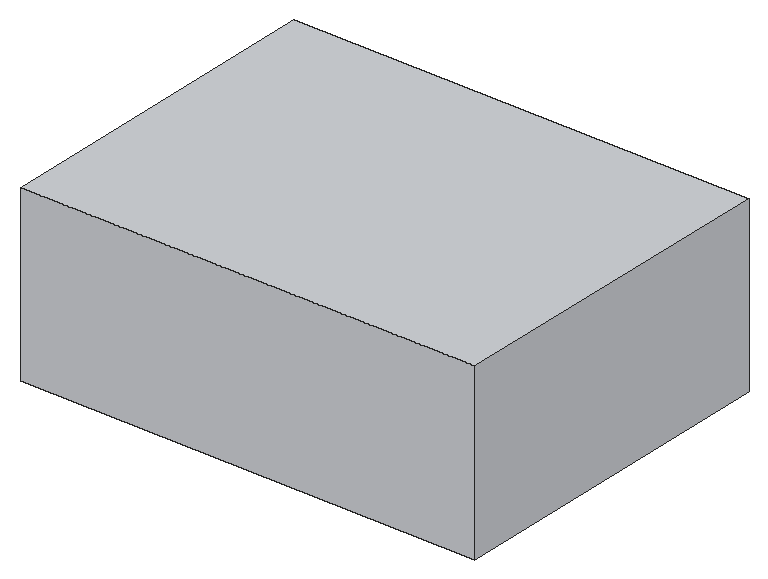
Revit family "Family1", category Generic Models, Revit 2019
Family settings
  Can host rebar = No
  Round Connector Dimension = Use Diameter
  Part Type = Normal
  Work Plane-Based = No
  Always vertical = Yes
  Cut with Voids When Loaded = No
  Shared = No
  Room Calculation Point = No
Parameters
  Width = 600 mm
  Length = 800 mm
  Height = 304.942 mm
Reference planes
  plane 1 "Center (Front/Back)": y = 0
  plane 2: z = 0
  plane 3 "Center (Left/Right)": x = 0
  plane 4: y = 300
  plane 5: y = -300
  plane 6: x = -400
  plane 7: x = 400
  plane 8: z = 152.471
  plane 9: z = 304.942
Forms (mm)
  Extrusion 1, solid
    sketch origin (0, 0, 0) x (1, 0, 0) y (0, 1, 0)
      loop
        line (-400, 300) -> (-400, -300) -> (400, -300) -> (400, 300) -> (-400, 300)
    from 0 to 304.942
Dimensions and locks
  equal spacing: plane 4, plane 1 "Center (Front/Back)", plane 5
  equal spacing: plane 6, plane 3 "Center (Left/Right)", plane 7
  "Length": plane 6 to plane 7
  "Width": plane 4 to plane 5
  equal spacing: plane 9, plane 8, plane 2
  "Height": plane 9 to plane 2
  aligned and locked: level to plane 2
  aligned and locked: Extrusion 1 sketch curve to plane 4
  aligned and locked: plane 6 to Extrusion 1 sketch curve
  aligned and locked: plane 5 to Extrusion 1 sketch curve
  aligned and locked: Extrusion 1 sketch curve to plane 7
  aligned and locked: plane 9 to Extrusion 1
  aligned and locked: Extrusion 1 to plane 2
